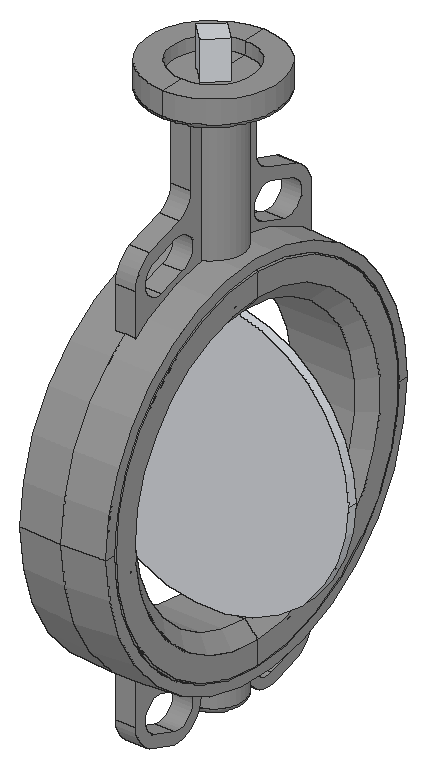
Revit family "Запорно-регулирующая заслонка ZF-4219", category Rohrzubehör, Revit 2021 (continued)
Automatic sketch dimensions
  Extrusion 8 sketch curve to Extrusion 8 sketch curve = 7.405 mm
  Extrusion 8 sketch curve to Extrusion 8 sketch curve = 9.76 mm  (x2)
  Extrusion 8 sketch curve to Extrusion 8 sketch curve = 46.144 mm
  Extrusion 8 sketch curve to Extrusion 8 sketch curve = 0.006 mm
  Extrusion 8 sketch curve to Extrusion 8 sketch curve = 0.159 mm  (x2)
  Extrusion 8 sketch curve to Extrusion 8 sketch curve = 0.225 mm  (x2)
  Extrusion 8 sketch curve to Extrusion 8 sketch curve = 3.156 mm
  Extrusion 7 sketch curve to Extrusion 7 sketch curve = 0 mm  (x29)
  Extrusion 7 sketch curve to level = 0 mm
  Extrusion 7 sketch curve to plane 1 "Mitte (Vorne/hinten)" = 0 mm
  Extrusion 7 sketch curve to Extrusion 7 sketch curve = 4.987 mm  (x2)
  plane 1 "Mitte (Vorne/hinten)" to Extrusion 7 sketch curve = 42.642 mm
  Extrusion 7 sketch curve to Extrusion 7 sketch curve = 3.28 mm  (x2)
  Extrusion 7 sketch curve to Extrusion 7 sketch curve = 14.935 mm  (x2)
  Extrusion 7 sketch curve to Extrusion 7 sketch curve = 11.589 mm  (x2)
  Extrusion 7 sketch curve to Extrusion 7 sketch curve = 14.868 mm  (x2)
  Extrusion 7 sketch curve to Extrusion 7 sketch curve = 33.628 mm  (x4)
  Extrusion 7 sketch curve to Extrusion 7 sketch curve = 3.946 mm  (x4)
  Extrusion 7 sketch curve to Extrusion 7 sketch curve = 12.021 mm  (x8)
  Extrusion 7 sketch curve to Extrusion 7 sketch curve = 8.075 mm  (x8)
  plane 1 "Mitte (Vorne/hinten)" to Extrusion 7 sketch curve = 21.03 mm
  Extrusion 7 sketch curve to Extrusion 7 sketch curve = 5.5 mm
  Extrusion 7 sketch curve to Extrusion 7 sketch curve = 0.54 mm  (x2)
  Extrusion 7 sketch curve to Extrusion 7 sketch curve = 0.103 mm
  Extrusion 7 sketch curve to Extrusion 7 sketch curve = 1.99 mm  (x2)
  plane 1 "Mitte (Vorne/hinten)" to Extrusion 7 sketch curve = 18.5 mm
  Extrusion 7 sketch curve to plane 1 "Mitte (Vorne/hinten)" = 18.5 mm  (x2)
  Extrusion 7 sketch curve to Extrusion 7 sketch curve = 1.897 mm
  Extrusion 7 sketch curve to Extrusion 7 sketch curve = 2 mm
  Extrusion 7 sketch curve to Extrusion 7 sketch curve = 21.612 mm
  Extrusion 7 sketch curve to level = 59.454 mm  (x2)
  Extrusion 7 sketch curve to Extrusion 7 sketch curve = 10.049 mm  (x4)
  Extrusion 7 sketch curve to Extrusion 7 sketch curve = 20.666 mm  (x2)
  Extrusion 7 sketch curve to Extrusion 7 sketch curve = 1.725 mm  (x2)
  Extrusion 7 sketch curve to Extrusion 7 sketch curve = 12.438 mm  (x4)
  level to Extrusion 7 sketch curve = 59.454 mm  (x2)
  Extrusion 7 sketch curve to Extrusion 7 sketch curve = 15.768 mm  (x2)
  Extrusion 7 sketch curve to Extrusion 7 sketch curve = 0.361 mm  (x2)
  Extrusion 7 sketch curve to Extrusion 7 sketch curve = 69.242 mm
  Extrusion 7 sketch curve to Extrusion 7 sketch curve = 0.014 mm
  Extrusion 7 sketch curve to Extrusion 7 sketch curve = 0.29 mm  (x2)
  Extrusion 6 sketch curve to Extrusion 6 sketch curve = 0 mm  (x31)
  Extrusion 6 sketch curve to level = 0 mm
  Extrusion 6 sketch curve to plane 1 "Mitte (Vorne/hinten)" = 0 mm
  plane 1 "Mitte (Vorne/hinten)" to Extrusion 6 sketch curve = 18.5 mm  (x2)
  Extrusion 6 sketch curve to Extrusion 6 sketch curve = 1.897 mm  (x2)
  Extrusion 6 sketch curve to Extrusion 6 sketch curve = 2 mm
  Extrusion 6 sketch curve to Extrusion 6 sketch curve = 4.154 mm  (x2)
  Extrusion 6 sketch curve to Extrusion 6 sketch curve = 5.603 mm
  Extrusion 6 sketch curve to Extrusion 6 sketch curve = 12 mm  (x2)
  Extrusion 6 sketch curve to Extrusion 6 sketch curve = 21.682 mm  (x2)
  Extrusion 6 sketch curve to Extrusion 6 sketch curve = 2.182 mm  (x2)
  Extrusion 6 sketch curve to Extrusion 6 sketch curve = 11.109 mm  (x4)
  Extrusion 6 sketch curve to Extrusion 6 sketch curve = 30.529 mm  (x4)
  Extrusion 6 sketch curve to Extrusion 6 sketch curve = 4.781 mm  (x4)
  Extrusion 6 sketch curve to Extrusion 6 sketch curve = 1.414 mm  (x8)
  Extrusion 6 sketch curve to Extrusion 6 sketch curve = 7.24 mm  (x8)
  Extrusion 6 sketch curve to Extrusion 6 sketch curve = 12.021 mm  (x8)
  Extrusion 6 sketch curve to plane 1 "Mitte (Vorne/hinten)" = 18.5 mm
  Extrusion 6 sketch curve to Extrusion 6 sketch curve = 7.5 mm
  Extrusion 6 sketch curve to Extrusion 6 sketch curve = 0.103 mm
  Extrusion 6 sketch curve to level = 50.036 mm  (x2)
  Extrusion 6 sketch curve to Extrusion 6 sketch curve = 17.112 mm  (x2)
  Extrusion 6 sketch curve to Extrusion 6 sketch curve = 9.185 mm  (x4)
  Extrusion 6 sketch curve to Extrusion 6 sketch curve = 20.608 mm  (x2)
  Extrusion 6 sketch curve to Extrusion 6 sketch curve = 12.868 mm  (x3)
  Extrusion 6 sketch curve to Extrusion 6 sketch curve = 9.096 mm  (x2)
  level to Extrusion 6 sketch curve = 50.036 mm  (x2)
  Extrusion 6 sketch curve to Extrusion 6 sketch curve = 17 mm
  Extrusion 6 sketch curve to Extrusion 6 sketch curve = 56.845 mm
  Extrusion 6 sketch curve to Extrusion 6 sketch curve = 0.017 mm
  Extrusion 6 sketch curve to Extrusion 6 sketch curve = 0.29 mm  (x2)
  Extrusion 5 sketch curve to Extrusion 5 sketch curve = 0 mm  (x25)
  Extrusion 5 sketch curve to level = 0 mm
  Extrusion 5 sketch curve to plane 1 "Mitte (Vorne/hinten)" = 0 mm
  plane 1 "Mitte (Vorne/hinten)" to Extrusion 5 sketch curve = 18.5 mm  (x2)
  Extrusion 5 sketch curve to Extrusion 5 sketch curve = 0.579 mm  (x2)
  Extrusion 5 sketch curve to Extrusion 5 sketch curve = 1.897 mm  (x2)
  Extrusion 5 sketch curve to Extrusion 5 sketch curve = 0.103 mm
  Extrusion 5 sketch curve to Extrusion 5 sketch curve = 5.603 mm
  Extrusion 5 sketch curve to Extrusion 5 sketch curve = 15.942 mm  (x4)
  Extrusion 5 sketch curve to Extrusion 5 sketch curve = 13 mm  (x2)
  Extrusion 5 sketch curve to Extrusion 5 sketch curve = 11.367 mm  (x4)
  Extrusion 5 sketch curve to Extrusion 5 sketch curve = 25.663 mm  (x4)
  Extrusion 5 sketch curve to Extrusion 5 sketch curve = 4.027 mm  (x4)
  Extrusion 5 sketch curve to Extrusion 5 sketch curve = 12.021 mm  (x5)
  Extrusion 5 sketch curve to Extrusion 5 sketch curve = 9.55 mm  (x4)
  Extrusion 5 sketch curve to Extrusion 5 sketch curve = 7.5 mm
  Extrusion 5 sketch curve to plane 1 "Mitte (Vorne/hinten)" = 18.5 mm  (x2)
  Extrusion 5 sketch curve to Extrusion 5 sketch curve = 2 mm
  Extrusion 5 sketch curve to level = 38.887 mm  (x2)
  Extrusion 5 sketch curve to Extrusion 5 sketch curve = 10.986 mm  (x3)
  Extrusion 5 sketch curve to Extrusion 5 sketch curve = 10.231 mm  (x3)
  Extrusion 5 sketch curve to Extrusion 5 sketch curve = 10.467 mm  (x4)
  Extrusion 5 sketch curve to Extrusion 5 sketch curve = 12.18 mm  (x2)
  Extrusion 5 sketch curve to Extrusion 5 sketch curve = 12.641 mm  (x4)
  Extrusion 5 sketch curve to Extrusion 5 sketch curve = 9.983 mm  (x2)
  level to Extrusion 5 sketch curve = 38.887 mm  (x2)
  Extrusion 5 sketch curve to Extrusion 5 sketch curve = 21.217 mm
  Extrusion 5 sketch curve to Extrusion 5 sketch curve = 16.969 mm  (x2)
  Extrusion 5 sketch curve to Extrusion 5 sketch curve = 51.117 mm
  Extrusion 5 sketch curve to Extrusion 5 sketch curve = 0.01 mm
  Extrusion 5 sketch curve to Extrusion 5 sketch curve = 0.29 mm  (x2)
  level to Extrusion 5 sketch curve = 49.873 mm
  Extrusion 4 sketch curve to Extrusion 4 sketch curve = 0 mm  (x28)
  Extrusion 4 sketch curve to level = 0 mm
  Extrusion 4 sketch curve to plane 1 "Mitte (Vorne/hinten)" = 0 mm
  plane 1 "Mitte (Vorne/hinten)" to Extrusion 4 sketch curve = 18.5 mm  (x2)
  Extrusion 4 sketch curve to Extrusion 4 sketch curve = 1.897 mm  (x2)
  Extrusion 4 sketch curve to Extrusion 4 sketch curve = 0.103 mm  (x2)
  Extrusion 4 sketch curve to Extrusion 4 sketch curve = 5.603 mm  (x2)
  Extrusion 4 sketch curve to Extrusion 4 sketch curve = 12.115 mm  (x4)
  Extrusion 4 sketch curve to Extrusion 4 sketch curve = 9 mm  (x2)
  Extrusion 4 sketch curve to Extrusion 4 sketch curve = 11.39 mm  (x2)
  Extrusion 4 sketch curve to Extrusion 4 sketch curve = 7.005 mm  (x2)
  Extrusion 4 sketch curve to Extrusion 4 sketch curve = 22.772 mm  (x4)
  Extrusion 4 sketch curve to Extrusion 4 sketch curve = 4.597 mm  (x4)
  Extrusion 4 sketch curve to Extrusion 4 sketch curve = 1.485 mm  (x4)
  Extrusion 4 sketch curve to Extrusion 4 sketch curve = 12.021 mm  (x4)
  Extrusion 4 sketch curve to Extrusion 4 sketch curve = 9.247 mm  (x4)
  Extrusion 4 sketch curve to plane 1 "Mitte (Vorne/hinten)" = 18.5 mm  (x2)
  Extrusion 4 sketch curve to level = 31.935 mm  (x2)
  Extrusion 4 sketch curve to Extrusion 4 sketch curve = 1.34 mm  (x4)
  Extrusion 4 sketch curve to Extrusion 4 sketch curve = 10.245 mm  (x4)
  Extrusion 4 sketch curve to Extrusion 4 sketch curve = 9.866 mm  (x4)
  Extrusion 4 sketch curve to Extrusion 4 sketch curve = 9.447 mm  (x4)
  Extrusion 4 sketch curve to Extrusion 4 sketch curve = 11.077 mm  (x4)
  Extrusion 4 sketch curve to Extrusion 4 sketch curve = 11.926 mm  (x2)
  level to Extrusion 4 sketch curve = 31.935 mm  (x2)
  Extrusion 4 sketch curve to Extrusion 4 sketch curve = 12.62 mm  (x2)
  Extrusion 4 sketch curve to Extrusion 4 sketch curve = 12.99 mm  (x2)
  Extrusion 4 sketch curve to Extrusion 4 sketch curve = 41.354 mm
  Extrusion 4 sketch curve to Extrusion 4 sketch curve = 0.018 mm
  Extrusion 4 sketch curve to Extrusion 4 sketch curve = 0.29 mm  (x2)
  Extrusion 3 sketch curve to Extrusion 3 sketch curve = 0 mm  (x23)
  Extrusion 3 sketch curve to level = 0 mm
  Extrusion 3 sketch curve to plane 1 "Mitte (Vorne/hinten)" = 0 mm
  plane 1 "Mitte (Vorne/hinten)" to Extrusion 3 sketch curve = 18 mm
  Extrusion 3 sketch curve to Extrusion 3 sketch curve = 1.897 mm  (x2)
  Extrusion 3 sketch curve to Extrusion 3 sketch curve = 0.103 mm  (x2)
  plane 1 "Mitte (Vorne/hinten)" to Extrusion 3 sketch curve = 22.391 mm
  Extrusion 3 sketch curve to Extrusion 3 sketch curve = 1.414 mm  (x14)
  Extrusion 3 sketch curve to Extrusion 3 sketch curve = 6.103 mm  (x2)
  Extrusion 3 sketch curve to Extrusion 3 sketch curve = 2 mm  (x2)
  Extrusion 3 sketch curve to Extrusion 3 sketch curve = 7.709 mm  (x4)
  Extrusion 3 sketch curve to Extrusion 3 sketch curve = 13.318 mm  (x5)
  Extrusion 3 sketch curve to Extrusion 3 sketch curve = 15.842 mm  (x5)
  Extrusion 3 sketch curve to Extrusion 3 sketch curve = 10.233 mm
  Extrusion 3 sketch curve to Extrusion 3 sketch curve = 3.184 mm  (x7)
  Extrusion 3 sketch curve to Extrusion 3 sketch curve = 6.315 mm  (x8)
  Extrusion 3 sketch curve to Extrusion 3 sketch curve = 3.021 mm  (x4)
  Extrusion 3 sketch curve to Extrusion 3 sketch curve = 5.303 mm  (x8)
  Extrusion 3 sketch curve to level = 23.805 mm  (x2)
  Extrusion 3 sketch curve to Extrusion 3 sketch curve = 3.106 mm  (x6)
  level to Extrusion 3 sketch curve = 23.805 mm  (x2)
  Extrusion 3 sketch curve to Extrusion 3 sketch curve = 6.654 mm  (x4)
  Extrusion 3 sketch curve to Extrusion 3 sketch curve = 9.77 mm  (x4)
  Extrusion 3 sketch curve to plane 1 "Mitte (Vorne/hinten)" = 18 mm
  Extrusion 3 sketch curve to plane 1 "Mitte (Vorne/hinten)" = 22.391 mm
  Extrusion 3 sketch curve to Extrusion 3 sketch curve = 5.708 mm  (x2)
  Extrusion 3 sketch curve to Extrusion 3 sketch curve = 3.131 mm
  level to Extrusion 3 sketch curve = 42.831 mm
  Extrusion 3 sketch curve to Extrusion 3 sketch curve = 4.045 mm
  Extrusion 3 sketch curve to Extrusion 3 sketch curve = 12.379 mm
  Extrusion 3 sketch curve to Extrusion 3 sketch curve = 68.43 mm
  Extrusion 3 sketch curve to Extrusion 3 sketch curve = 0.003 mm
  Extrusion 3 sketch curve to Extrusion 3 sketch curve = 0.316 mm  (x2)
  curve 12 to level = 0 mm
  curve 12 to plane 3 "Mitte (Links/rechts)" = 0 mm
  plane 1 "Mitte (Vorne/hinten)" to curve 6 = 0 mm
  curve 6 to plane 3 "Mitte (Links/rechts)" = 0 mm
  Revolve 1 sketch curve to plane 1 "Mitte (Vorne/hinten)" = 0 mm
  Revolve 1 sketch curve to Revolve 1 sketch curve = 0.987 mm
  Revolve 1 sketch curve to Revolve 1 sketch curve = 1.5 mm  (x3)
  Revolve 1 sketch curve to Revolve 1 sketch curve = 0.513 mm  (x2)
  Revolve 1 sketch curve to Revolve 1 sketch curve = 0.915 mm  (x2)
  Revolve 1 sketch curve to Revolve 1 sketch curve = 1978.5 mm  (x2)
  Revolve 11 sketch curve to plane 1 "Mitte (Vorne/hinten)" = 0 mm  (x2)
  Revolve 11 sketch curve to Revolve 11 sketch curve = 3 mm
  Revolve 11 sketch curve to Revolve 11 sketch curve = 459.992 mm
  level to Revolve 11 sketch curve = 2741.474 mm
  Revolve 12 sketch curve to plane 1 "Mitte (Vorne/hinten)" = 0 mm  (x3)
  Revolve 12 sketch curve to Revolve 12 sketch curve = 1.895 mm
  Revolve 12 sketch curve to Revolve 12 sketch curve = 2 mm  (x2)
  Revolve 12 sketch curve to Revolve 12 sketch curve = 0.105 mm
  Revolve 12 sketch curve to level = 520.992 mm
  Revolve 12 sketch curve to Revolve 12 sketch curve = 2616.474 mm
  Revolve 13 sketch curve to level = 0 mm
  Revolve 13 sketch curve to Revolve 13 sketch curve = 1.492 mm
  Revolve 13 sketch curve to Revolve 13 sketch curve = 0.18 mm  (x2)
  Revolve 13 sketch curve to Revolve 13 sketch curve = 5.027 mm
  Revolve 13 sketch curve to Revolve 13 sketch curve = 1 mm
  Revolve 13 sketch curve to Revolve 13 sketch curve = 0.999 mm  (x2)
  Revolve 13 sketch curve to Revolve 13 sketch curve = 0.27 mm
  Revolve 13 sketch curve to Revolve 13 sketch curve = 0.957 mm
  Revolve 13 sketch curve to Revolve 13 sketch curve = 1328.99 mm
  Revolve 13 sketch curve to Revolve 13 sketch curve = 1875.983 mm
  Extrusion 14 sketch curve to level = 0 mm
  Extrusion 14 sketch curve to plane 3 "Mitte (Links/rechts)" = 0 mm
  radius of Extrusion 10 sketch curve = 12 mm  (x4)
  radius of Extrusion 9 sketch curve = 9.5 mm  (x4)
  radius of Extrusion 9 sketch curve = 14 mm  (x4)
  radius of Extrusion 7 sketch curve = 11.5 mm  (x4)
  radius of Extrusion 7 sketch curve = 9.5 mm  (x4)
  radius of Extrusion 6 sketch curve = 9.5 mm  (x8)
  radius of Extrusion 5 sketch curve = 9.5 mm  (x8)
  radius of Extrusion 4 sketch curve = 9.5 mm  (x8)
  radius of curve 12 = 7 mm
  radius of curve 6 = 5 mm
Nested families
  nested 1: "Herz-Logo-vorne" at (-20, 0, 145.5), type "Herz-Logo-vorne"
Connectors
  piping at (30.75, 0, 0), diameter 200, driven by "Nennweite"
    settings: on Revolve 13, index 1, connector inside diameter 609.6 mm, connector length 0 mm, flow factor 0, pipe flow 0.0 L/s, pressure drop 0.0 Pa, fitting loss kfactor 0, connector angle 0.00°, fixture units 0, engagement length 0 mm, angle of deflection 0.00°, flow configuration 0, flow direction 0, fitting loss method 0, system type 29, joint type 0, gender type 0, connector reference index -1, connector utility 0, adjustable connector no, is connector primary yes, connector description ""
  piping at (-30.75, 0, 0), diameter 200, driven by "Nennweite"
    settings: on Revolve 13, index 2, connector inside diameter 609.6 mm, connector length 0 mm, flow factor 0, pipe flow 0.0 L/s, pressure drop 0.0 Pa, fitting loss kfactor 0, connector angle 0.00°, fixture units 0, engagement length 0 mm, angle of deflection 0.00°, flow configuration 0, flow direction 0, fitting loss method 0, system type 29, joint type 0, gender type 0, connector reference index -1, connector utility 0, adjustable connector no, is connector primary no, connector description ""
Definition of nested family "Herz-Logo-vorne"
  Parameters (values of type "Herz-Logo-vorne")
    Default Elevation = 0 mm
  Reference planes
    plane 1 "Mitte (Vorne/hinten)": y = 0
    plane 2: z = 0
    plane 3 "Mitte (Links/rechts)": x = 0
  Forms (mm)
    Extrusion 1, solid
      sketch origin (0.732, -0.018, 0.017) x (0, -1, 0) y (0, 0, 1)
        loop
          line (-0.018, -4.517) -> (4.482, -4.517) -> (4.482, 4.483) -> (-4.518, 4.483) -> (-4.518, -4.517) -> (-0.018, -4.517)
        loop
          line (-0.05, -3.48) -> (3.482, -3.48) -> (3.482, 3.483) -> (-3.518, 3.483) -> (-3.518, -3.48) -> (-0.05, -3.48)
        loop
          arc (-0.018, 2.383) -> (-1.543, 3.287) -> (-3.067, 2.383) r 1.738
          arc (-3.067, 2.383) -> (-3.191, 1.899) -> (-3.067, 1.415) r 1.009
          line (-3.067, 1.415) -> (-0.018, -3.281) -> (3.032, 1.415)
          arc (3.032, 1.415) -> (3.156, 1.899) -> (3.032, 2.383) r 1.009
          arc (3.032, 2.383) -> (1.507, 3.287) -> (-0.018, 2.383) r 1.738
        loop
          arc (1.885, 1.272) -> (2.005, 1.675) -> (1.885, 2.079) r 0.74
          arc (1.885, 2.079) -> (1.265, 2.416) -> (0.644, 2.079) r 0.74
          line (0.644, 2.079) -> (-0.018, 0.97) -> (-0.679, 2.079)
          arc (-0.679, 2.079) -> (-1.3, 2.416) -> (-1.921, 2.079) r 0.74
          arc (-1.921, 2.079) -> (-2.04, 1.675) -> (-1.921, 1.272) r 0.74
          line (-1.921, 1.272) -> (-0.018, -1.658) -> (1.885, 1.272)
      from 0 to 1.5
  Dimensions and locks
    aligned and locked: level to plane 2
